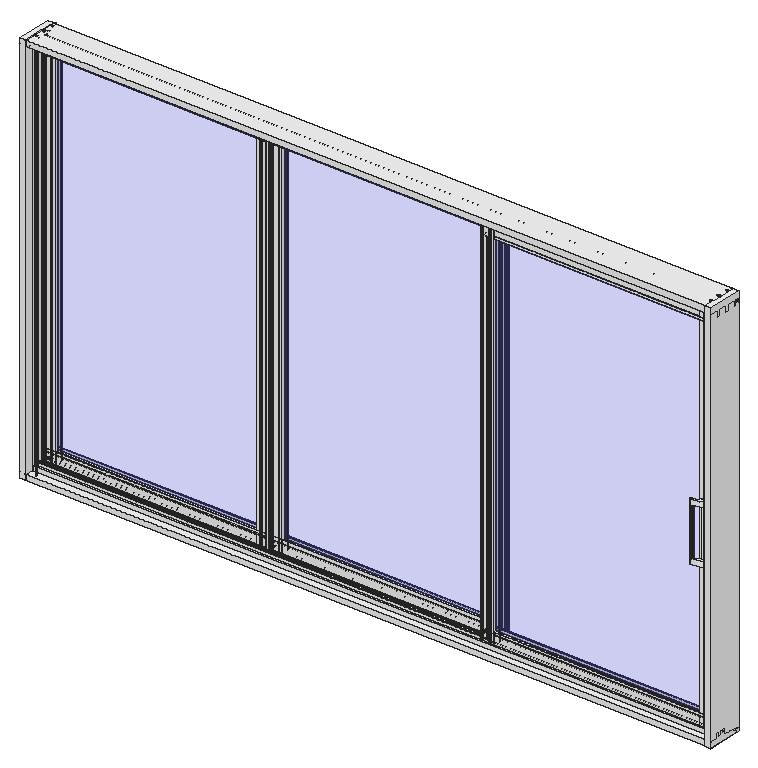
Revit family "Patio-Door_R-550-2-0_3-Light_XOO_7in_Novatech", category Doors, host Wall, Revit 2026 (continued)
Definition of nested family "NOVATECH_R-550 (2.0)_3 LIGHT_XOO_7in_SASH_O_RIGHT"
  Definition of nested family "NOVATECH_650_3 LIGHT_OXO_SASH_O_LEFT"
    Automatic sketch dimensions
      Extrusion 1 sketch curve to plane 1 "Center (Front/Back)" = 0.05437"
      Extrusion 1 sketch curve to plane 1 "Center (Front/Back)" = 0.06993"
      Extrusion 1 sketch curve to plane 1 "Center (Front/Back)" = 0.23201"  (x2)
      Extrusion 1 sketch curve to Extrusion 1 sketch curve = 0.03128"
      Extrusion 1 sketch curve to Extrusion 1 sketch curve = 0.1954"  (x2)
      Extrusion 1 sketch curve to Extrusion 1 sketch curve = 0.01669"  (x2)
      Extrusion 1 sketch curve to Extrusion 1 sketch curve = 0.30326"
      Extrusion 1 sketch curve to Extrusion 1 sketch curve = 0.30328"
      Extrusion 1 sketch curve to Extrusion 1 sketch curve = 0.0079"  (x2)
      Extrusion 1 sketch curve to Extrusion 1 sketch curve = 0.87008"
      Extrusion 1 sketch curve to Extrusion 1 sketch curve = 0.08088"
      Extrusion 1 sketch curve to Extrusion 1 sketch curve = 0.05069"
      Extrusion 1 sketch curve to Extrusion 1 sketch curve = 0.12761"
      Extrusion 1 sketch curve to Extrusion 1 sketch curve = 0.00014"  (x2)
      Extrusion 1 sketch curve to Extrusion 1 sketch curve = 0.00784"
      Extrusion 1 sketch curve to Extrusion 1 sketch curve = 0.00812"
      Extrusion 1 sketch curve to Extrusion 1 sketch curve = 0.01537"
      Extrusion 1 sketch curve to Extrusion 1 sketch curve = 0.02226"
Definition of nested family "NOVATECH_R-550 (2.0)_3 LIGHT_XOO_7in_SASH_X"
  Parameters (values of type "SASH_X")
    Width = 46.52865"
    Panel Material = none
    Height = 77 57/128"
    Frame Material = none
    Default Elevation = 0"
  Reference planes (in)
    plane 1 "Center (Front/Back)": y = 0
    plane 2: z = 0
    plane 3 "Center (Left/Right)": x = 0
    plane 4: x = 23.26432
    plane 5: x = -23.26432
    plane 6: z = 77.44531
    plane 7: y = 0.76968
  Forms (in)
    Extrusion 1, solid, material <- "Panel Material"
      sketch origin (53.05518, -3.44187, -6.62158) x (1, 0, 0) y (0, 1, 0)
        loop
          line (-74.22445, 4.64856) -> (-74.22445, 3.77455) -> (-30.56754, 3.77455) -> (-30.56754, 4.64856) -> (-74.22445, 4.64856)
      from 8.65969 to 82.02831
  Dimensions and locks (in)
    "Height": plane 6 to level
    "Width": plane 4 to plane 5
    equal spacing: plane 4, plane 3 "Center (Left/Right)", plane 5
    locked: plane 5 to nested 3 at 0.18167
    locked: plane 4 to nested 3 at 1.2619
    locked: Extrusion 1 sketch curve to Extrusion 1 sketch curve at 0.87402
    locked: plane 1 "Center (Front/Back)" to plane 7 at 0.76968
    locked: plane 5 to Extrusion 1 at 2.09505
    locked: Extrusion 1 to plane 4 at 0.77668
    locked: plane 6 to Extrusion 1 at 2.03858
    locked: Extrusion 1 to level at 2.03811
    locked: plane 5 to nested 4 at 0.18167
    locked: plane 4 to nested 4 at 1.2619
    aligned and locked: plane 2 to level
    aligned and locked: nested 1 to level
    aligned and locked: nested 2 to level
    aligned and locked: nested 1 to plane 5
    aligned and locked: plane 1 "Center (Front/Back)" to nested 1
    aligned and locked: nested 2 to plane 4
    aligned and locked: level to nested 4
    aligned and locked: plane 6 to nested 3
    aligned and locked: plane 1 "Center (Front/Back)" to nested 3
  Automatic sketch dimensions
    Extrusion 1 sketch curve to plane 1 "Center (Front/Back)" = 0.33268"
    plane 5 to Extrusion 1 sketch curve = 2.09505"
    Extrusion 1 sketch curve to plane 4 = 0.77668"
  Nested families (in)
    nested 1: "NOVATECH_650_2 LIGHT_SASH_X_LEFT" at (-23.26432, 1.65748, 0) x (0, -1, 0) z (0, 0, 1), type "X_LEFT"
      with Length 77 57/128"
    nested 2: "NOVATECH_650_2 LIGHT_SASH_X_RIGHT" at (24.61291, 1.65775, 0) x (0, 1, 0) z (0, 0, 1), type "X_RIGHT"
      with Length 77 57/128"
    nested 3: "NOVATECH_650_2 LIGHT_SASH_X_HEADER1" at (-23.08266, 1.65748, 74.8425), type "X_HEADER 2"
      with built-in parameter 1001306 3.9674 (stored number, unit not read)
    nested 4: "NOVATECH_650_2 LIGHT_SASH_X_SILL1" at (24.52623, 1.65748, 0) x (-1, 0, 0) z (0, 0, 1), type "X_SILL 2"
      with built-in parameter 1001306 3.9674 (stored number, unit not read)
  Definition of nested family "NOVATECH_650_2 LIGHT_SASH_X_LEFT"
    Parameters (values of type "X_LEFT")
      Length = 91 121/128"
      Frame Material = none
      Default Elevation = 0"
    Reference planes (in)
      plane 1 "Center (Front/Back)": y = 0
      plane 2: z = 0
      plane 3 "Center (Left/Right)": x = 0
      plane 4: z = 91.94531
      plane 5: x = 1.65748
    Forms (in)
      Extrusion 1, solid, material <- "Frame Material"
        sketch origin (0, 0, 0) x (1, 0, 0) y (0, 1, 0)
          loop
            line (1.22244, 0.89033) -> (1.22244, 0.50487) -> (1.27362, 0.50487) -> (1.27362, 0.56786) -> (1.3248, 0.56786) -> (1.3248, 0.26077) -> (1.27362, 0.26077) -> (1.27362, 0.32377) -> (1.22244, 0.32377) -> (1.22244, 0.24072)
            arc (1.22244, 0.24072) -> (1.23974, 0.19896) -> (1.2815, 0.18167) r 0.05906
            line (1.2815, 0.18167) -> (1.59843, 0.18167)
            arc (1.59843, 0.18167) -> (1.64018, 0.19896) -> (1.65748, 0.24072) r 0.05906
            line (1.65748, 0.24072) -> (1.65748, 2.72091)
            arc (1.65748, 2.72091) -> (1.65024, 2.74028) -> (1.63206, 2.75015) r 0.02953
            line (1.63206, 2.75015) -> (1.3878, 2.78448) -> (1.3878, 2.74317) -> (1.42126, 2.74317) -> (1.42126, 2.09505) -> (1.3248, 2.09505) -> (1.3248, 2.21978) -> (0.45079, 2.21978) -> (0.45079, 2.09458) -> (0.22047, 2.09458) -> (0.22047, 1.85883) -> (0.27165, 1.85883) -> (0.27165, 1.76041) -> (0.07874, 1.76041) -> (0.07874, 2.09505) -> (0, 2.09505) -> (0, 0.24072)
            arc (0, 0.24072) -> (0.0173, 0.19896) -> (0.05906, 0.18167) r 0.05906
            line (0.05906, 0.18167) -> (0.37598, 0.18167)
            arc (0.37598, 0.18167) -> (0.41774, 0.19896) -> (0.43504, 0.24072) r 0.05906
            line (0.43504, 0.24072) -> (0.43504, 0.32377) -> (0.38386, 0.32377) -> (0.38386, 0.26077) -> (0.33268, 0.26077) -> (0.33268, 0.56786) -> (0.38386, 0.56786) -> (0.38386, 0.50487) -> (0.43504, 0.50487) -> (0.43504, 0.89033) -> (1.22244, 0.89033)
          loop
            line (0.52457, 0.37126) -> (0.52457, 0) -> (1.13481, 0) -> (1.13481, 0.37126)
            arc (1.13481, 0.37126) -> (1.10598, 0.44086) -> (1.03638, 0.46969) r 0.09843
            line (1.03638, 0.46969) -> (0.623, 0.46969)
            arc (0.623, 0.46969) -> (0.5534, 0.44086) -> (0.52457, 0.37126) r 0.09843
          loop
            line (0.44481, 0.62418) -> (0.44481, 0.49623) -> (1.21253, 0.49623) -> (1.21253, 0.62418) -> (1.17489, 0.62418) -> (1.17489, 0.86183) -> (0.49772, 0.86183) -> (0.49772, 0.62418) -> (0.44481, 0.62418)
          loop
            line (0.3878, 2.78254) -> (0.02953, 2.78254)
            arc (0.02953, 2.78254) -> (0.00865, 2.77389) -> (0, 2.75302) r 0.02953
            line (0, 2.75302) -> (0, 2.12252)
            arc (0, 2.12252) -> (0.00787, 2.10888) -> (0.02362, 2.10888) r 0.01575
            line (0.02362, 2.10888) -> (0.05272, 2.12216)
            arc (0.05272, 2.12216) -> (0.07644, 2.12249) -> (0.08888, 2.10229) r 0.02402
            line (0.08888, 2.10229) -> (0.10187, 1.9166) -> (0.13488, 1.83593)
            arc (0.13488, 1.83593) -> (0.16048, 1.8092) -> (0.19743, 1.80702) r 0.05066
            arc (0.19743, 1.80702) -> (0.2171, 1.82834) -> (0.21099, 1.8567) r 0.0315
            line (0.21099, 1.8567) -> (0.16631, 1.96729) -> (0.15655, 2.09491) -> (0.23966, 2.14667) -> (0.34645, 2.11042)
            arc (0.34645, 2.11042) -> (0.36116, 2.11197) -> (0.3681, 2.12502) r 0.01575
            line (0.3681, 2.12502) -> (0.36811, 2.74317) -> (0.3878, 2.78254)
        from 0 to 91.94531
    Dimensions and locks (in)
      "Length": plane 4 to level
      aligned and locked: plane 2 to level
      aligned and locked: Extrusion 1 to level
      aligned and locked: plane 4 to Extrusion 1
    Automatic sketch dimensions
      plane 1 "Center (Front/Back)" to Extrusion 1 sketch curve = 0"
      plane 3 "Center (Left/Right)" to Extrusion 1 sketch curve = 0.43504"
      Extrusion 1 sketch curve to Extrusion 1 sketch curve = 0.00977"
      Extrusion 1 sketch curve to Extrusion 1 sketch curve = 0.06269"
      Extrusion 1 sketch curve to Extrusion 1 sketch curve = 0.07977"
      Extrusion 1 sketch curve to Extrusion 1 sketch curve = 0.09843"  (x2)
      Extrusion 1 sketch curve to Extrusion 1 sketch curve = 0.41339"
      Extrusion 1 sketch curve to Extrusion 1 sketch curve = 0.13851"
      Extrusion 1 sketch curve to Extrusion 1 sketch curve = 0.03764"
      Extrusion 1 sketch curve to Extrusion 1 sketch curve = 0.04755"
      Extrusion 1 sketch curve to Extrusion 1 sketch curve = 0"  (x2)
      Extrusion 1 sketch curve to Extrusion 1 sketch curve = 0.01575"  (x2)
      Extrusion 1 sketch curve to Extrusion 1 sketch curve = 0.00787"  (x3)
      Extrusion 1 sketch curve to Extrusion 1 sketch curve = 0.02953"  (x2)
      Extrusion 1 sketch curve to Extrusion 1 sketch curve = 0.0291"
      Extrusion 1 sketch curve to Extrusion 1 sketch curve = 0.05906"
      Extrusion 1 sketch curve to Extrusion 1 sketch curve = 0.01216"
      Extrusion 1 sketch curve to Extrusion 1 sketch curve = 0.01386"
      Extrusion 1 sketch curve to Extrusion 1 sketch curve = 0.01014"
      Extrusion 1 sketch curve to Extrusion 1 sketch curve = 0.02313"
      Extrusion 1 sketch curve to Extrusion 1 sketch curve = 0.03301"
      Extrusion 1 sketch curve to Extrusion 1 sketch curve = 0.06767"
      Extrusion 1 sketch curve to Extrusion 1 sketch curve = 0.06444"
      Extrusion 1 sketch curve to Extrusion 1 sketch curve = 3/64"
      Extrusion 1 sketch curve to Extrusion 1 sketch curve = 0.00498"
      Extrusion 1 sketch curve to Extrusion 1 sketch curve = 0.02926"
      Extrusion 1 sketch curve to Extrusion 1 sketch curve = 0.06392"
      Extrusion 1 sketch curve to Extrusion 1 sketch curve = 0.01918"
      Extrusion 1 sketch curve to Extrusion 1 sketch curve = 0.05118"  (x5)
      Extrusion 1 sketch curve to Extrusion 1 sketch curve = 0.27362"  (x2)
      Extrusion 1 sketch curve to Extrusion 1 sketch curve = 0.1068"
      Extrusion 1 sketch curve to Extrusion 1 sketch curve = 0.0059"
      Extrusion 1 sketch curve to Extrusion 1 sketch curve = 0.33858"
      Extrusion 1 sketch curve to Extrusion 1 sketch curve = 0.04331"  (x2)
      Extrusion 1 sketch curve to Extrusion 1 sketch curve = 0.01969"
      Extrusion 1 sketch curve to Extrusion 1 sketch curve = 0.08268"
      Extrusion 1 sketch curve to Extrusion 1 sketch curve = 0.87402"
      Extrusion 1 sketch curve to Extrusion 1 sketch curve = 0.06299"  (x5)
      Extrusion 1 sketch curve to Extrusion 1 sketch curve = 0.09646"
      Extrusion 1 sketch curve to Extrusion 1 sketch curve = 0.20669"
      Extrusion 1 sketch curve to Extrusion 1 sketch curve = 0.00411"
      Extrusion 1 sketch curve to plane 1 "Center (Front/Back)" = 0.18167"  (x2)
      Extrusion 1 sketch curve to Extrusion 1 sketch curve = 0.02005"  (x2)
      Extrusion 1 sketch curve to Extrusion 1 sketch curve = 0.12497"
      Extrusion 1 sketch curve to Extrusion 1 sketch curve = 0.12795"  (x2)
      Extrusion 1 sketch curve to Extrusion 1 sketch curve = 0.1811"  (x2)
      Extrusion 1 sketch curve to Extrusion 1 sketch curve = 0.23764"
      Extrusion 1 sketch curve to Extrusion 1 sketch curve = 0.0285"
      Extrusion 1 sketch curve to Extrusion 1 sketch curve = 0.32247"
      Extrusion 1 sketch curve to Extrusion 1 sketch curve = 0.07552"
      Extrusion 1 sketch curve to Extrusion 1 sketch curve = 0.0007"
      Extrusion 1 sketch curve to Extrusion 1 sketch curve = 0.01855"
      Extrusion 1 sketch curve to Extrusion 1 sketch curve = 0.00151"
      Extrusion 1 sketch curve to Extrusion 1 sketch curve = 0.00214"
      Extrusion 1 sketch curve to Extrusion 1 sketch curve = 0.08067"
      Extrusion 1 sketch curve to Extrusion 1 sketch curve = 0.05069"
      Extrusion 1 sketch curve to Extrusion 1 sketch curve = 0.12728"
      Extrusion 1 sketch curve to Extrusion 1 sketch curve = 0.00033"
      Extrusion 1 sketch curve to Extrusion 1 sketch curve = 0.00014"
      Extrusion 1 sketch curve to Extrusion 1 sketch curve = 0.00047"
      Extrusion 1 sketch curve to Extrusion 1 sketch curve = 0.00639"
      Extrusion 1 sketch curve to Extrusion 1 sketch curve = 0.00724"
      Extrusion 1 sketch curve to Extrusion 1 sketch curve = 0.01383"
      Extrusion 1 sketch curve to Extrusion 1 sketch curve = 0.01584"
      Extrusion 1 sketch curve to Extrusion 1 sketch curve = 0.05209"
      Extrusion 1 sketch curve to Extrusion 1 sketch curve = 0.12472"
      Extrusion 1 sketch curve to Extrusion 1 sketch curve = 0.50114"
      Extrusion 1 sketch curve to Extrusion 1 sketch curve = 0.5234"
      Extrusion 1 sketch curve to Extrusion 1 sketch curve = 0.02226"
      Extrusion 1 sketch curve to Extrusion 1 sketch curve = 0.00984"
      Extrusion 1 sketch curve to Extrusion 1 sketch curve = 0.04131"
      Extrusion 1 sketch curve to plane 3 "Center (Left/Right)" = 0"
      Extrusion 1 sketch curve to Extrusion 1 sketch curve = 0.08763"
      Extrusion 1 sketch curve to Extrusion 1 sketch curve = 0.87008"
  Definition of nested family "NOVATECH_650_2 LIGHT_SASH_X_RIGHT"
    Parameters (values of type "NOVATECH_650_2 LIGHT_SASH_X_RIGHT")
      Length = 79 1/2"
      Frame Material = none
      Default Elevation = 0"
    Types (2): name | Length
      NOVATECH_650_2 LIGHT_SASH_X_RIGHT | 79 1/2"
      X_RIGHT | 91 121/128"
    Reference planes (in)
      plane 1 "Center (Front/Back)": y = 0
      plane 2: z = 0
      plane 3 "Center (Left/Right)": x = 0
      plane 4: z = 79.5
      plane 5: y = 1.34858
    Forms (in)
      Extrusion 1, solid, material <- "Frame Material"
        sketch origin (0, 0, 0) x (1, 0, 0) y (0, 1, 0)
          loop
            line (-1.3878, 2.68949) -> (-1.63206, 2.65516)
            arc (-1.63206, 2.65516) -> (-1.65024, 2.6453) -> (-1.65748, 2.62592) r 0.02953
            line (-1.65748, 2.62592) -> (-1.65748, 0.14573)
            arc (-1.65748, 0.14573) -> (-1.64018, 0.10398) -> (-1.59843, 0.08668) r 0.05906
            line (-1.59843, 0.08668) -> (-1.2815, 0.08668)
            arc (-1.2815, 0.08668) -> (-1.23974, 0.10398) -> (-1.22244, 0.14573) r 0.05906
            line (-1.22244, 0.14573) -> (-1.22244, 0.21303)
            arc (-1.22244, 0.21303) -> (-1.24803, 0.22962) -> (-1.27362, 0.21303) r 0.02803
            line (-1.27362, 0.21303) -> (-1.27362, 0.18154)
            arc (-1.27362, 0.18154) -> (-1.29921, 0.16396) -> (-1.3248, 0.18154) r 0.02742
            line (-1.3248, 0.18154) -> (-1.3248, 0.45713)
            arc (-1.3248, 0.45713) -> (-1.29921, 0.47486) -> (-1.27362, 0.45713) r 0.02733
            line (-1.27362, 0.45713) -> (-1.27362, 0.42563)
            arc (-1.27362, 0.42563) -> (-1.24803, 0.40805) -> (-1.22244, 0.42563) r 0.02742
            line (-1.22244, 0.42563) -> (-1.22244, 0.79534) -> (-0.43504, 0.79534) -> (-0.43504, 0.42563)
            arc (-0.43504, 0.42563) -> (-0.40945, 0.40805) -> (-0.38386, 0.42563) r 0.02742
            line (-0.38386, 0.42563) -> (-0.38386, 0.45713)
            arc (-0.38386, 0.45713) -> (-0.35827, 0.47524) -> (-0.33268, 0.45713) r 0.02713
            line (-0.33268, 0.45713) -> (-0.33268, 0.18154)
            arc (-0.33268, 0.18154) -> (-0.35827, 0.16434) -> (-0.38386, 0.18154) r 0.02764
            line (-0.38386, 0.18154) -> (-0.38386, 0.21303)
            arc (-0.38386, 0.21303) -> (-0.40945, 0.23061) -> (-0.43504, 0.21303) r 0.02742
            line (-0.43504, 0.21303) -> (-0.43504, 0.14573)
            arc (-0.43504, 0.14573) -> (-0.41774, 0.10398) -> (-0.37598, 0.08668) r 0.05906
            line (-0.37598, 0.08668) -> (-0.05906, 0.08668)
            arc (-0.05906, 0.08668) -> (-0.0173, 0.10398) -> (0, 0.14573) r 0.05906
            line (0, 0.14573) -> (0, 2.00007) -> (-0.07874, 2.00007) -> (-0.07874, 1.66542) -> (-0.27165, 1.66542) -> (-0.27165, 1.76384) -> (-0.22047, 1.76384) -> (-0.22047, 2.00007) -> (-0.45079, 2.00007) -> (-0.45079, 2.12479) -> (-1.3248, 2.12479) -> (-1.3248, 1.99959) -> (-1.42126, 1.99959) -> (-1.42126, 2.64819) -> (-1.3878, 2.64819) -> (-1.3878, 2.68949)
          loop
            line (-0.36811, 2.64819) -> (-0.3681, 2.03003)
            arc (-0.3681, 2.03003) -> (-0.36116, 2.01698) -> (-0.34645, 2.01543) r 0.01575
            line (-0.34645, 2.01543) -> (-0.23966, 2.05168) -> (-0.15655, 1.99992) -> (-0.16631, 1.87231) -> (-0.21099, 1.76171)
            arc (-0.21099, 1.76171) -> (-0.21656, 1.73158) -> (-0.19388, 1.71098) r 0.0315
            arc (-0.19388, 1.71098) -> (-0.15883, 1.71501) -> (-0.1349, 1.74094) r 0.05068
            line (-0.1349, 1.74094) -> (-0.09948, 1.82779) -> (-0.08693, 2.0073)
            arc (-0.08693, 2.0073) -> (-0.07596, 2.02632) -> (-0.05404, 2.02757) r 0.02309
            line (-0.05404, 2.02757) -> (-0.02362, 2.01194)
            arc (-0.02362, 2.01194) -> (-0.00787, 2.01194) -> (0, 2.02558) r 0.01575
            line (0, 2.02558) -> (0, 2.65803)
            arc (0, 2.65803) -> (-0.00865, 2.67891) -> (-0.02953, 2.68756) r 0.02953
            line (-0.02953, 2.68756) -> (-0.3878, 2.68756) -> (-0.36811, 2.64819)
          loop
            line (-0.00532, 0.06693) -> (-0.4773, 0.06693) -> (-0.4391, 0.25591) -> (-0.38762, 0.25591)
            arc (-0.38762, 0.25591) -> (-0.37291, 0.26603) -> (-0.37712, 0.28339) r 0.01575
            line (-0.37712, 0.28339) -> (-0.48008, 0.397)
            arc (-0.48008, 0.397) -> (-0.50292, 0.39997) -> (-0.51341, 0.37946) r 0.02
            line (-0.51341, 0.37946) -> (-0.49589, 0.25591) -> (-0.53329, 0.07087) -> (-1.12384, 0.07087) -> (-1.16124, 0.25591) -> (-1.14375, 0.37069)
            arc (-1.14375, 0.37069) -> (-1.15412, 0.39135) -> (-1.17705, 0.38843) r 0.02
            line (-1.17705, 0.38843) -> (-1.27913, 0.26087)
            arc (-1.27913, 0.26087) -> (-1.28035, 0.24327) -> (-1.2643, 0.23594) r 0.0155
            line (-1.2643, 0.23594) -> (-1.21474, 0.24478) -> (-1.17143, 0.06693) -> (-1.94801, 0.06693) -> (-1.94801, 0.63673) -> (-1.88879, 0.6761) -> (-1.88879, 0.81723) -> (-1.68487, 0.81723) -> (-1.68487, 0.88415) -> (-1.88879, 0.88415) -> (-1.88879, 1.06988) -> (-1.91785, 1.10788) -> (-1.91785, 1.49105) -> (-1.97844, 1.596)
            arc (-1.97844, 1.596) -> (-1.97947, 1.62721) -> (-2.00794, 1.64005) r 0.02953
            arc (-2.00794, 1.64005) -> (-2.03131, 1.63301) -> (-2.0414, 1.61078) r 0.02953
            line (-2.0414, 1.61078) -> (-2.0414, 1.5712) -> (-1.98478, 1.47312) -> (-1.98478, 1.1048)
            arc (-1.98478, 1.1048) -> (-1.99324, 1.08863) -> (-2.01135, 1.08636) r 0.01969
            arc (-2.01135, 1.08636) -> (-2.04515, 1.0621) -> (-2.05808, 1.02255) r 0.06693
            line (-2.05808, 1.02255) -> (-2.05791, 0.97924)
            arc (-2.05791, 0.97924) -> (-2.03232, 0.96174) -> (-2.00673, 0.97924) r 0.02746
            line (-2.00673, 0.97924) -> (-2.0069, 1.01074)
            arc (-2.0069, 1.01074) -> (-1.98131, 1.02832) -> (-1.95572, 1.01074) r 0.02742
            line (-1.95572, 1.01074) -> (-1.95572, 0.73515)
            arc (-1.95572, 0.73515) -> (-1.98131, 0.71804) -> (-2.0069, 0.73515) r 0.02769
            line (-2.0069, 0.73515) -> (-2.0069, 0.77452)
            arc (-2.0069, 0.77452) -> (-2.03249, 0.79231) -> (-2.05808, 0.77452) r 0.0273
            line (-2.05808, 0.77452) -> (-2.05808, 0.72334)
            arc (-2.05808, 0.72334) -> (-2.04625, 0.68534) -> (-2.01493, 0.66078) r 0.06693
            line (-2.01493, 0.66078) -> (-2.01493, 0.07874)
            arc (-2.01493, 0.07874) -> (-1.99187, 0.02306) -> (-1.93619, 0) r 0.07874
            line (-1.93619, 0) -> (-0.04135, 0)
            arc (-0.04135, 0) -> (-0.01984, 0.0064) -> (-0.00532, 0.02351) r 0.03937
            line (-0.00532, 0.02351) -> (-0.00532, 0.06693)
        from 0 to 79.5
    Dimensions and locks (in)
      "Length": plane 4 to level
      aligned and locked: plane 2 to level
      aligned and locked: Extrusion 1 to level
      aligned and locked: plane 4 to Extrusion 1
    Automatic sketch dimensions
      Extrusion 1 sketch curve to plane 5 = 0.32603"
      Extrusion 1 sketch curve to plane 3 "Center (Left/Right)" = 2.05808"
      Extrusion 1 sketch curve to plane 5 = 0.57406"
      Extrusion 1 sketch curve to Extrusion 1 sketch curve = 0"  (x5)
      Extrusion 1 sketch curve to plane 5 = 0.36934"  (x2)
      Extrusion 1 sketch curve to Extrusion 1 sketch curve = 0.00017"
      Extrusion 1 sketch curve to Extrusion 1 sketch curve = 0.01668"
      Extrusion 1 sketch curve to Extrusion 1 sketch curve = 0.02559"  (x17)
      Extrusion 1 sketch curve to Extrusion 1 sketch curve = 0.04315"
      Extrusion 1 sketch curve to Extrusion 1 sketch curve = 0.02953"  (x2)
      Extrusion 1 sketch curve to plane 5 = 0.33784"
      Extrusion 1 sketch curve to Extrusion 1 sketch curve = 0.02542"  (x2)
      Extrusion 1 sketch curve to Extrusion 1 sketch curve = 0.00244"
      Extrusion 1 sketch curve to Extrusion 1 sketch curve = 0.00787"  (x3)
      Extrusion 1 sketch curve to Extrusion 1 sketch curve = 0.01575"  (x4)
      Extrusion 1 sketch curve to Extrusion 1 sketch curve = 0.05662"
      Extrusion 1 sketch curve to Extrusion 1 sketch curve = 0.00984"  (x7)
      plane 5 to Extrusion 1 sketch curve = 0.24742"
      Extrusion 1 sketch curve to Extrusion 1 sketch curve = 0.02556"
      Extrusion 1 sketch curve to Extrusion 1 sketch curve = 0.06693"  (x3)
      Extrusion 1 sketch curve to Extrusion 1 sketch curve = 0.01181"  (x2)
      Extrusion 1 sketch curve to plane 5 = 0.53136"
      Extrusion 1 sketch curve to plane 5 = 0.46443"
      Extrusion 1 sketch curve to Extrusion 1 sketch curve = 0.20393"
      Extrusion 1 sketch curve to Extrusion 1 sketch curve = 0.34652"
      plane 5 to Extrusion 1 sketch curve = 1.30658"
      Extrusion 1 sketch curve to Extrusion 1 sketch curve = 0.05906"  (x2)
      Extrusion 1 sketch curve to Extrusion 1 sketch curve = 0.20669"
      Extrusion 1 sketch curve to Extrusion 1 sketch curve = 0.03346"
      Extrusion 1 sketch curve to Extrusion 1 sketch curve = 0.09646"
      Extrusion 1 sketch curve to Extrusion 1 sketch curve = 0.27362"  (x2)
      Extrusion 1 sketch curve to Extrusion 1 sketch curve = 0.04331"
      Extrusion 1 sketch curve to plane 5 = 1.08771"
      Extrusion 1 sketch curve to Extrusion 1 sketch curve = 0.02009"
      Extrusion 1 sketch curve to Extrusion 1 sketch curve = 0.0121"
      Extrusion 1 sketch curve to plane 5 = 1.11265"
      Extrusion 1 sketch curve to Extrusion 1 sketch curve = 0.00272"
      Extrusion 1 sketch curve to plane 5 = 0.55324"
      Extrusion 1 sketch curve to Extrusion 1 sketch curve = 0.05118"  (x2)
      Extrusion 1 sketch curve to plane 5 = 1.1038"
      Extrusion 1 sketch curve to Extrusion 1 sketch curve = 0.0077"
      Extrusion 1 sketch curve to plane 5 = 0.96015"
      Extrusion 1 sketch curve to Extrusion 1 sketch curve = 0.04539"
      Extrusion 1 sketch curve to plane 1 "Center (Front/Back)" = 0.06693"  (x2)
      Extrusion 1 sketch curve to Extrusion 1 sketch curve = 0.05101"
      Extrusion 1 sketch curve to Extrusion 1 sketch curve = 0.01353"  (x2)
      Extrusion 1 sketch curve to plane 5 = 1.09268"  (x3)
      Extrusion 1 sketch curve to Extrusion 1 sketch curve = 0.0535"
      Extrusion 1 sketch curve to plane 5 = 0.9779"
      Extrusion 1 sketch curve to Extrusion 1 sketch curve = 0.01977"
      Extrusion 1 sketch curve to Extrusion 1 sketch curve = 0.04759"
      Extrusion 1 sketch curve to Extrusion 1 sketch curve = 0.59055"
      Extrusion 1 sketch curve to plane 5 = 0.96913"
      Extrusion 1 sketch curve to Extrusion 1 sketch curve = 0.01988"
      Extrusion 1 sketch curve to Extrusion 1 sketch curve = 0.01752"
      Extrusion 1 sketch curve to Extrusion 1 sketch curve = 0.0198"
      Extrusion 1 sketch curve to plane 5 = 0.95159"
      Extrusion 1 sketch curve to Extrusion 1 sketch curve = 0.05599"
      Extrusion 1 sketch curve to Extrusion 1 sketch curve = 0.87402"
      Extrusion 1 sketch curve to Extrusion 1 sketch curve = 0.05678"
      Extrusion 1 sketch curve to Extrusion 1 sketch curve = 0.00406"
      Extrusion 1 sketch curve to Extrusion 1 sketch curve = 0.04504"
      Extrusion 1 sketch curve to Extrusion 1 sketch curve = 0.06299"
      Extrusion 1 sketch curve to Extrusion 1 sketch curve = 0.05148"
      Extrusion 1 sketch curve to plane 5 = 1.06519"
      Extrusion 1 sketch curve to Extrusion 1 sketch curve = 0.0105"
      Extrusion 1 sketch curve to Extrusion 1 sketch curve = 0.01969"
      Extrusion 1 sketch curve to Extrusion 1 sketch curve = 0.08268"
      Extrusion 1 sketch curve to Extrusion 1 sketch curve = 0.0059"
      Extrusion 1 sketch curve to Extrusion 1 sketch curve = 0.0748"
      Extrusion 1 sketch curve to Extrusion 1 sketch curve = 0.1068"
      Extrusion 1 sketch curve to Extrusion 1 sketch curve = 0.00948"
      Extrusion 1 sketch curve to Extrusion 1 sketch curve = 0.02428"
      Extrusion 1 sketch curve to Extrusion 1 sketch curve = 0.00493"
      Extrusion 1 sketch curve to Extrusion 1 sketch curve = 0.01547"
      Extrusion 1 sketch curve to Extrusion 1 sketch curve = 0.06392"
      plane 5 to Extrusion 1 sketch curve = 0.39236"
      Extrusion 1 sketch curve to Extrusion 1 sketch curve = 3/64"
      Extrusion 1 sketch curve to Extrusion 1 sketch curve = 0.06683"
      Extrusion 1 sketch curve to Extrusion 1 sketch curve = 0.06962"
      Extrusion 1 sketch curve to Extrusion 1 sketch curve = 0.05616"
      Extrusion 1 sketch curve to Extrusion 1 sketch curve = 0.01489"
      Extrusion 1 sketch curve to Extrusion 1 sketch curve = 0.00981"
      Extrusion 1 sketch curve to Extrusion 1 sketch curve = 0.0177"
      Extrusion 1 sketch curve to Extrusion 1 sketch curve = 0.33858"
      Extrusion 1 sketch curve to Extrusion 1 sketch curve = 0.03042"
      Extrusion 1 sketch curve to Extrusion 1 sketch curve = 0.03604"
      Extrusion 1 sketch curve to Extrusion 1 sketch curve = 0.02756"
      Extrusion 1 sketch curve to Extrusion 1 sketch curve = 0.01586"
      Extrusion 1 sketch curve to Extrusion 1 sketch curve = 0.00394"
      Extrusion 1 sketch curve to Extrusion 1 sketch curve = 0.01975"  (x2)
      Extrusion 1 sketch curve to Extrusion 1 sketch curve = 0.0358"  (x2)
      Extrusion 1 sketch curve to Extrusion 1 sketch curve = 0.01044"
      Extrusion 1 sketch curve to Extrusion 1 sketch curve = 0.02006"
      Extrusion 1 sketch curve to Extrusion 1 sketch curve = 0.02165"  (x2)
      Extrusion 1 sketch curve to Extrusion 1 sketch curve = 0.01144"
      Extrusion 1 sketch curve to Extrusion 1 sketch curve = 0.02863"
      Extrusion 1 sketch curve to Extrusion 1 sketch curve = 0.0372"
      Extrusion 1 sketch curve to Extrusion 1 sketch curve = 0.0219"
      Extrusion 1 sketch curve to Extrusion 1 sketch curve = 0.02248"
      Extrusion 1 sketch curve to Extrusion 1 sketch curve = 0.00902"
      Extrusion 1 sketch curve to Extrusion 1 sketch curve = 0.0096"
      Extrusion 1 sketch curve to Extrusion 1 sketch curve = 0.1378"
      Extrusion 1 sketch curve to Extrusion 1 sketch curve = 0.02405"
      Extrusion 1 sketch curve to Extrusion 1 sketch curve = 0.03937"
      Extrusion 1 sketch curve to Extrusion 1 sketch curve = 0.02239"
      Extrusion 1 sketch curve to Extrusion 1 sketch curve = 0.00951"
      Extrusion 1 sketch curve to Extrusion 1 sketch curve = 0.00995"
      Extrusion 1 sketch curve to Extrusion 1 sketch curve = 0.05914"
      Extrusion 1 sketch curve to Extrusion 1 sketch curve = 0.08225"
      Extrusion 1 sketch curve to Extrusion 1 sketch curve = 0.03799"
      Extrusion 1 sketch curve to Extrusion 1 sketch curve = 0.12288"
      Extrusion 1 sketch curve to Extrusion 1 sketch curve = 0.01793"
      Extrusion 1 sketch curve to Extrusion 1 sketch curve = 0.0248"
      Extrusion 1 sketch curve to Extrusion 1 sketch curve = 0.01478"
      Extrusion 1 sketch curve to Extrusion 1 sketch curve = 0.07552"
      Extrusion 1 sketch curve to Extrusion 1 sketch curve = 0.0007"
      Extrusion 1 sketch curve to Extrusion 1 sketch curve = 0.01855"
      Extrusion 1 sketch curve to Extrusion 1 sketch curve = 0.00151"
      Extrusion 1 sketch curve to Extrusion 1 sketch curve = 0.00214"
      Extrusion 1 sketch curve to Extrusion 1 sketch curve = 0.08685"
      Extrusion 1 sketch curve to Extrusion 1 sketch curve = 0.04452"
      Extrusion 1 sketch curve to Extrusion 1 sketch curve = 0.62633"
      Extrusion 1 sketch curve to Extrusion 1 sketch curve = 0.12761"
      Extrusion 1 sketch curve to Extrusion 1 sketch curve = 0.00014"  (x2)
      Extrusion 1 sketch curve to Extrusion 1 sketch curve = 0.0066"
      Extrusion 1 sketch curve to Extrusion 1 sketch curve = 0.00724"
      Extrusion 1 sketch curve to Extrusion 1 sketch curve = 0.01188"
      Extrusion 1 sketch curve to Extrusion 1 sketch curve = 0.01537"
      Extrusion 1 sketch curve to Extrusion 1 sketch curve = 0.05162"
      Extrusion 1 sketch curve to Extrusion 1 sketch curve = 0.1252"
      Extrusion 1 sketch curve to Extrusion 1 sketch curve = 0.5234"
      Extrusion 1 sketch curve to Extrusion 1 sketch curve = 0.02226"
      Extrusion 1 sketch curve to Extrusion 1 sketch curve = 0.04131"
  Definition of nested family "NOVATECH_650_2 LIGHT_SASH_X_HEADER1"
    Parameters (values of type "X_HEADER")
      built-in parameter 1001306 [instance] = 54"
      Frame Material = none
      Default Elevation = 0"
    Reference planes (in)
      plane 1 "Center (Front/Back)": y = 0
      plane 2: z = 0
      plane 3 "Left": x = 0
      plane 4 "Right": x = 54
    Forms (in)
      Extrusion 1, solid, material <- "Frame Material"
        sketch origin (0, 0, 0) x (0, 1, 0) y (0, 0, 1)
          loop
            arc (-1.59843, 2.60281) -> (-1.64018, 2.58552) -> (-1.65748, 2.54376) r 0.05906
            line (-1.65748, 2.54376) -> (-1.65748, 0.06357)
            arc (-1.65748, 0.06357) -> (-1.65024, 0.0442) -> (-1.63206, 0.03433) r 0.02953
            line (-1.63206, 0.03433) -> (-1.3878, 0) -> (-1.3878, 0.04131) -> (-1.42126, 0.04131) -> (-1.42126, 0.68943) -> (-1.32298, 0.68943) -> (-1.32298, 0.56423) -> (-0.44896, 0.56423) -> (-0.44896, 0.68943) -> (-0.22047, 0.68943) -> (-0.22047, 0.9099) -> (-0.27165, 0.9414) -> (-0.27165, 1.02407) -> (-0.07874, 1.02407) -> (-0.07874, 0.68943) -> (0, 0.68943) -> (0, 2.54376)
            arc (0, 2.54376) -> (-0.0173, 2.58552) -> (-0.05906, 2.60281) r 0.05906
            line (-0.05906, 2.60281) -> (-0.37598, 2.60281)
            arc (-0.37598, 2.60281) -> (-0.41774, 2.58552) -> (-0.43504, 2.54376) r 0.05906
            line (-0.43504, 2.54376) -> (-0.43504, 2.47646)
            arc (-0.43504, 2.47646) -> (-0.40945, 2.45644) -> (-0.38386, 2.47646) r 0.02637
            line (-0.38386, 2.47646) -> (-0.38386, 2.50796)
            arc (-0.38386, 2.50796) -> (-0.35827, 2.52747) -> (-0.33268, 2.50796) r 0.02654
            line (-0.33268, 2.50796) -> (-0.33268, 2.23237)
            arc (-0.33268, 2.23237) -> (-0.35827, 2.20678) -> (-0.38386, 2.23237) r 0.02559
            line (-0.38386, 2.23237) -> (-0.38386, 2.26386)
            arc (-0.38386, 2.26386) -> (-0.40945, 2.28945) -> (-0.43504, 2.26386) r 0.02559
            line (-0.43504, 2.26386) -> (-0.43504, 1.89415) -> (-1.22244, 1.89415) -> (-1.22244, 2.26386)
            arc (-1.22244, 2.26386) -> (-1.24803, 2.28945) -> (-1.27362, 2.26386) r 0.02559
            line (-1.27362, 2.26386) -> (-1.27362, 2.23237)
            arc (-1.27362, 2.23237) -> (-1.29921, 2.20678) -> (-1.3248, 2.23237) r 0.02559
            line (-1.3248, 2.23237) -> (-1.3248, 2.50796)
            arc (-1.3248, 2.50796) -> (-1.29921, 2.52747) -> (-1.27362, 2.50796) r 0.02654
            line (-1.27362, 2.50796) -> (-1.27362, 2.47646)
            arc (-1.27362, 2.47646) -> (-1.24803, 2.45644) -> (-1.22244, 2.47646) r 0.02637
            line (-1.22244, 2.47646) -> (-1.22244, 2.54376)
            arc (-1.22244, 2.54376) -> (-1.23974, 2.58552) -> (-1.2815, 2.60281) r 0.05906
            line (-1.2815, 2.60281) -> (-1.59843, 2.60281)
          loop
            line (0, 0.03147) -> (0, 0.65806)
            arc (0, 0.65806) -> (-0.00787, 0.67169) -> (-0.02362, 0.67169) r 0.01575
            line (-0.02362, 0.67169) -> (-0.05301, 0.66163)
            arc (-0.05301, 0.66163) -> (-0.07882, 0.66046) -> (-0.09279, 0.68219) r 0.02589
            line (-0.09279, 0.68219) -> (-0.10659, 0.87957) -> (-0.13463, 0.94897)
            arc (-0.13463, 0.94897) -> (-0.16066, 0.97629) -> (-0.19834, 0.97834) r 0.05118
            arc (-0.19834, 0.97834) -> (-0.22176, 0.94986) -> (-0.20637, 0.91635) r 0.03474
            line (-0.20637, 0.91635) -> (-0.16631, 0.81719) -> (-0.15655, 0.68957) -> (-0.23966, 0.63781) -> (-0.34645, 0.67406)
            arc (-0.34645, 0.67406) -> (-0.36116, 0.67252) -> (-0.3681, 0.65946) r 0.01575
            line (-0.3681, 0.65946) -> (-0.36811, 0.04131) -> (-0.3878, 0.00194) -> (-0.02953, 0.00194)
            arc (-0.02953, 0.00194) -> (-0.00865, 0.01059) -> (0, 0.03147) r 0.02953
        from 0 to 54
    Lines and regions (in)
      reference lines
        curve 1: line (0, 0, 0) -> (54, 0, 0)
    Dimensions and locks (in)
      "built-in parameter 1001306": plane 3 "Left" to plane 4 "Right"
      aligned and locked: plane 4 "Right" to curve 1
      aligned and locked: plane 1 "Center (Front/Back)" to curve 1
      aligned and locked: plane 3 "Left" to curve 1
      aligned and locked: level to plane 2
      aligned and locked: Extrusion 1 to curve 1
      aligned and locked: Extrusion 1 to plane 3 "Left"
    Automatic sketch dimensions
      Extrusion 1 sketch curve to level = 0"
      plane 1 "Center (Front/Back)" to Extrusion 1 sketch curve = 1.65748"
      level to Extrusion 1 sketch curve = 0.03433"
      Extrusion 1 sketch curve to Extrusion 1 sketch curve = 0.02542"
      Extrusion 1 sketch curve to Extrusion 1 sketch curve = 0.02953"
      Extrusion 1 sketch curve to Extrusion 1 sketch curve = 0.05906"
      level to Extrusion 1 sketch curve = 0.04131"  (x2)
      Extrusion 1 sketch curve to Extrusion 1 sketch curve = 0.20669"
      Extrusion 1 sketch curve to Extrusion 1 sketch curve = 0.03346"
      Extrusion 1 sketch curve to Extrusion 1 sketch curve = 0.27362"  (x2)
      Extrusion 1 sketch curve to Extrusion 1 sketch curve = 0.09828"
      Extrusion 1 sketch curve to Extrusion 1 sketch curve = 0.02559"  (x11)
      Extrusion 1 sketch curve to Extrusion 1 sketch curve = 0.01772"
      Extrusion 1 sketch curve to Extrusion 1 sketch curve = 0.87402"
      Extrusion 1 sketch curve to Extrusion 1 sketch curve = 0.7874"
      Extrusion 1 sketch curve to Extrusion 1 sketch curve = 0"  (x2)
      level to Extrusion 1 sketch curve = 0.00194"
      Extrusion 1 sketch curve to Extrusion 1 sketch curve = 0.06117"
      Extrusion 1 sketch curve to Extrusion 1 sketch curve = 0.00787"  (x2)
      Extrusion 1 sketch curve to Extrusion 1 sketch curve = 0.01969"
      Extrusion 1 sketch curve to Extrusion 1 sketch curve = 0.08086"
      Extrusion 1 sketch curve to Extrusion 1 sketch curve = 0.01575"
      Extrusion 1 sketch curve to Extrusion 1 sketch curve = 0.0059"
      Extrusion 1 sketch curve to Extrusion 1 sketch curve = 0.0748"
      Extrusion 1 sketch curve to Extrusion 1 sketch curve = 0.1068"
      Extrusion 1 sketch curve to Extrusion 1 sketch curve = 0.01918"
      Extrusion 1 sketch curve to Extrusion 1 sketch curve = 0.0141"
      Extrusion 1 sketch curve to Extrusion 1 sketch curve = 0.01907"
      Extrusion 1 sketch curve to Extrusion 1 sketch curve = 0.00522"
      Extrusion 1 sketch curve to Extrusion 1 sketch curve = 0.04006"
      Extrusion 1 sketch curve to Extrusion 1 sketch curve = 0.06392"
      Extrusion 1 sketch curve to Extrusion 1 sketch curve = 0.04746"
      Extrusion 1 sketch curve to Extrusion 1 sketch curve = 0.02804"
      Extrusion 1 sketch curve to Extrusion 1 sketch curve = 0.06377"
      Extrusion 1 sketch curve to Extrusion 1 sketch curve = 0.05589"
      Extrusion 1 sketch curve to Extrusion 1 sketch curve = 0.01181"
      Extrusion 1 sketch curve to Extrusion 1 sketch curve = 0.01392"
      level to Extrusion 1 sketch curve = 0.03147"
      Extrusion 1 sketch curve to Extrusion 1 sketch curve = 0.33858"
      Extrusion 1 sketch curve to Extrusion 1 sketch curve = 0.02362"
      Extrusion 1 sketch curve to Extrusion 1 sketch curve = 0.52292"
      Extrusion 1 sketch curve to Extrusion 1 sketch curve = 0.07358"
      Extrusion 1 sketch curve to Extrusion 1 sketch curve = 0.02025"
      Extrusion 1 sketch curve to Extrusion 1 sketch curve = 0.02165"
      Extrusion 1 sketch curve to Extrusion 1 sketch curve = 0.01006"
      Extrusion 1 sketch curve to Extrusion 1 sketch curve = 0.02056"
      Extrusion 1 sketch curve to Extrusion 1 sketch curve = 0.05162"
      Extrusion 1 sketch curve to Extrusion 1 sketch curve = 0.01773"
      Extrusion 1 sketch curve to Extrusion 1 sketch curve = 0.1252"
      Extrusion 1 sketch curve to Extrusion 1 sketch curve = 0.00014"
      Extrusion 1 sketch curve to Extrusion 1 sketch curve = 0.12761"
      Extrusion 1 sketch curve to Extrusion 1 sketch curve = 0.06238"
      Extrusion 1 sketch curve to Extrusion 1 sketch curve = 0.09271"
      Extrusion 1 sketch curve to Extrusion 1 sketch curve = 0.00645"
      Extrusion 1 sketch curve to Extrusion 1 sketch curve = 0.01345"
      Extrusion 1 sketch curve to Extrusion 1 sketch curve = 0.0315"  (x3)
      Extrusion 1 sketch curve to Extrusion 1 sketch curve = 0.01559"
      Extrusion 1 sketch curve to Extrusion 1 sketch curve = 0.01917"
      Extrusion 1 sketch curve to Extrusion 1 sketch curve = 0.0751"
      Extrusion 1 sketch curve to Extrusion 1 sketch curve = 0.64961"
      Extrusion 1 sketch curve to Extrusion 1 sketch curve = 0.31139"  (x2)
      Extrusion 1 sketch curve to Extrusion 1 sketch curve = 0.0673"  (x2)
      Extrusion 1 sketch curve to Extrusion 1 sketch curve = 0.00635"  (x2)
      Extrusion 1 sketch curve to Extrusion 1 sketch curve = 0.02448"  (x2)
      Extrusion 1 sketch curve to Extrusion 1 sketch curve = 0.00702"  (x2)
      Extrusion 1 sketch curve to plane 1 "Center (Front/Back)" = 0"
      Extrusion 1 sketch curve to Extrusion 1 sketch curve = 0.87008"
      Extrusion 1 sketch curve to Extrusion 1 sketch curve = 0.33821"
  Definition of nested family "NOVATECH_650_2 LIGHT_SASH_X_SILL1"
    Parameters (values of type "X_SILL")
      built-in parameter 1001306 [instance] = 54"
      Frame Material = none
      Default Elevation = 0"
    Reference planes (in)
      plane 1 "Center (Front/Back)": y = 0
      plane 2: z = 0
      plane 3 "Left": x = 0
      plane 4 "Right": x = 54
    Forms (in)
      Extrusion 1, solid, material <- "Frame Material"
        sketch origin (0, 0, 0) x (0, 1, 0) y (0, 0, 1)
          loop
            line (0, 0.05906) -> (0, 1.91339) -> (-0.07874, 1.91339) -> (-0.07874, 1.57874) -> (-0.27165, 1.57874) -> (-0.27165, 1.67717) -> (-0.22047, 1.67717) -> (-0.22047, 1.91339) -> (-0.46026, 1.91339) -> (-0.46026, 2.03811) -> (-1.33428, 2.03811) -> (-1.33428, 1.91339) -> (-1.42126, 1.91339) -> (-1.42126, 2.56151) -> (-1.3878, 2.56151) -> (-1.3878, 2.60281) -> (-1.65748, 2.56491) -> (-1.65748, 0.05906)
            arc (-1.65748, 0.05906) -> (-1.64018, 0.0173) -> (-1.59843, 0) r 0.05906
            line (-1.59843, 0) -> (-1.2815, 0)
            arc (-1.2815, 0) -> (-1.23974, 0.0173) -> (-1.22244, 0.05906) r 0.05906
            line (-1.22244, 0.05906) -> (-1.22244, 0.12635)
            arc (-1.22244, 0.12635) -> (-1.24803, 0.14519) -> (-1.27362, 0.12635) r 0.0268
            line (-1.27362, 0.12635) -> (-1.27362, 0.09486)
            arc (-1.27362, 0.09486) -> (-1.29921, 0.07728) -> (-1.3248, 0.09486) r 0.02742
            line (-1.3248, 0.09486) -> (-1.3248, 0.37045)
            arc (-1.3248, 0.37045) -> (-1.29921, 0.38983) -> (-1.27362, 0.37045) r 0.02659
            line (-1.27362, 0.37045) -> (-1.27362, 0.33895)
            arc (-1.27362, 0.33895) -> (-1.24803, 0.32088) -> (-1.22244, 0.33895) r 0.02716
            line (-1.22244, 0.33895) -> (-1.22244, 0.70866) -> (-1.15607, 0.70866) -> (-1.15607, 0.64616) -> (-0.99004, 0.64616) -> (-0.99004, 0.44752) -> (-0.95857, 0.44752)
            arc (-0.95857, 0.44752) -> (-0.83107, 0.56402) -> (-0.70357, 0.44752) r 0.12802
            line (-0.70357, 0.44752) -> (-0.67162, 0.44752) -> (-0.67162, 0.64616) -> (-0.50607, 0.64616) -> (-0.50607, 0.70866) -> (-0.43504, 0.70866) -> (-0.43504, 0.33895)
            arc (-0.43504, 0.33895) -> (-0.40945, 0.32088) -> (-0.38386, 0.33895) r 0.02716
            line (-0.38386, 0.33895) -> (-0.38386, 0.37045)
            arc (-0.38386, 0.37045) -> (-0.35827, 0.38983) -> (-0.33268, 0.37045) r 0.02659
            line (-0.33268, 0.37045) -> (-0.33268, 0.09486)
            arc (-0.33268, 0.09486) -> (-0.35827, 0.07728) -> (-0.38386, 0.09486) r 0.02742
            line (-0.38386, 0.09486) -> (-0.38386, 0.12635)
            arc (-0.38386, 0.12635) -> (-0.40945, 0.14519) -> (-0.43504, 0.12635) r 0.0268
            line (-0.43504, 0.12635) -> (-0.43504, 0.05906)
            arc (-0.43504, 0.05906) -> (-0.41774, 0.0173) -> (-0.37598, 0) r 0.05906
            line (-0.37598, 0) -> (-0.05906, 0)
            arc (-0.05906, 0) -> (-0.0173, 0.0173) -> (0, 0.05906) r 0.05906
          loop
            line (-0.3878, 2.60088) -> (-0.36811, 2.56151) -> (-0.3681, 1.94336)
            arc (-0.3681, 1.94336) -> (-0.36116, 1.9303) -> (-0.34645, 1.92876) r 0.01575
            line (-0.34645, 1.92876) -> (-0.23966, 1.965) -> (-0.15655, 1.91324) -> (-0.16631, 1.78563) -> (-0.21099, 1.67503)
            arc (-0.21099, 1.67503) -> (-0.2171, 1.64667) -> (-0.19743, 1.62535) r 0.0315
            arc (-0.19743, 1.62535) -> (-0.16048, 1.62753) -> (-0.13488, 1.65426) r 0.05066
            line (-0.13488, 1.65426) -> (-0.1042, 1.72953) -> (-0.09083, 1.92062)
            arc (-0.09083, 1.92062) -> (-0.07763, 1.9416) -> (-0.05285, 1.94084) r 0.02495
            line (-0.05285, 1.94084) -> (-0.02362, 1.92721)
            arc (-0.02362, 1.92721) -> (-0.00787, 1.92721) -> (0, 1.94085) r 0.01575
            line (0, 1.94085) -> (0, 2.57135)
            arc (0, 2.57135) -> (-0.00865, 2.59223) -> (-0.02953, 2.60088) r 0.02953
            line (-0.02953, 2.60088) -> (-0.3878, 2.60088)
        from 0 to 54
    Lines and regions (in)
      reference lines
        curve 1: line (0, 0, 0) -> (54, 0, 0)
    Dimensions and locks (in)
      "built-in parameter 1001306": plane 3 "Left" to plane 4 "Right"
      aligned and locked: plane 4 "Right" to curve 1
      aligned and locked: plane 1 "Center (Front/Back)" to curve 1
      aligned and locked: plane 3 "Left" to curve 1
      aligned and locked: level to plane 2
      aligned and locked: Extrusion 1 to curve 1
      aligned and locked: Extrusion 1 to plane 3 "Left"
    Automatic sketch dimensions
      plane 1 "Center (Front/Back)" to Extrusion 1 sketch curve = 1.65748"
      Extrusion 1 sketch curve to Extrusion 1 sketch curve = 0.05906"  (x2)
      Extrusion 1 sketch curve to Extrusion 1 sketch curve = 0.23622"  (x3)
      Extrusion 1 sketch curve to Extrusion 1 sketch curve = 0.03346"
      Extrusion 1 sketch curve to Extrusion 1 sketch curve = 0.08698"
      Extrusion 1 sketch curve to Extrusion 1 sketch curve = 0.27362"  (x2)
      Extrusion 1 sketch curve to Extrusion 1 sketch curve = 0.02559"  (x14)
      Extrusion 1 sketch curve to Extrusion 1 sketch curve = 0.01772"
      Extrusion 1 sketch curve to Extrusion 1 sketch curve = 0.06637"
      Extrusion 1 sketch curve to Extrusion 1 sketch curve = 0.2324"
      Extrusion 1 sketch curve to Extrusion 1 sketch curve = 0.03147"
      Extrusion 1 sketch curve to Extrusion 1 sketch curve = 0.1275"  (x2)
      Extrusion 1 sketch curve to Extrusion 1 sketch curve = 0.03195"
      Extrusion 1 sketch curve to Extrusion 1 sketch curve = 0.16555"
      Extrusion 1 sketch curve to Extrusion 1 sketch curve = 0.87402"
      Extrusion 1 sketch curve to Extrusion 1 sketch curve = 0.07103"
      Extrusion 1 sketch curve to Extrusion 1 sketch curve = 0"  (x2)
      Extrusion 1 sketch curve to Extrusion 1 sketch curve = 0.07247"
      Extrusion 1 sketch curve to Extrusion 1 sketch curve = 0.00787"  (x2)
      Extrusion 1 sketch curve to Extrusion 1 sketch curve = 0.01969"
      Extrusion 1 sketch curve to Extrusion 1 sketch curve = 0.09216"
      Extrusion 1 sketch curve to Extrusion 1 sketch curve = 0.01575"
      Extrusion 1 sketch curve to Extrusion 1 sketch curve = 0.0059"
      Extrusion 1 sketch curve to Extrusion 1 sketch curve = 0.0748"
      Extrusion 1 sketch curve to Extrusion 1 sketch curve = 0.1068"
      Extrusion 1 sketch curve to Extrusion 1 sketch curve = 0.01918"
      Extrusion 1 sketch curve to Extrusion 1 sketch curve = 0.00948"
      Extrusion 1 sketch curve to Extrusion 1 sketch curve = 0.02428"
      Extrusion 1 sketch curve to Extrusion 1 sketch curve = 0.00498"
      Extrusion 1 sketch curve to Extrusion 1 sketch curve = 0.01542"
      Extrusion 1 sketch curve to Extrusion 1 sketch curve = 0.06392"
      Extrusion 1 sketch curve to Extrusion 1 sketch curve = 3/64"
      Extrusion 1 sketch curve to Extrusion 1 sketch curve = 0.03068"
      Extrusion 1 sketch curve to Extrusion 1 sketch curve = 0.06572"
      Extrusion 1 sketch curve to Extrusion 1 sketch curve = 0.01209"
      Extrusion 1 sketch curve to Extrusion 1 sketch curve = 0.01283"
      Extrusion 1 sketch curve to Extrusion 1 sketch curve = 0.01306"
      Extrusion 1 sketch curve to Extrusion 1 sketch curve = 0.33858"
      Extrusion 1 sketch curve to Extrusion 1 sketch curve = 0.02923"
      Extrusion 1 sketch curve to Extrusion 1 sketch curve = 0.02953"
      Extrusion 1 sketch curve to Extrusion 1 sketch curve = 0.02362"
      level to Extrusion 1 sketch curve = 0"  (x2)
      Extrusion 1 sketch curve to Extrusion 1 sketch curve = 0.0358"  (x2)
      Extrusion 1 sketch curve to Extrusion 1 sketch curve = 0.00984"  (x3)
      Extrusion 1 sketch curve to Extrusion 1 sketch curve = 0.02354"  (x2)
      Extrusion 1 sketch curve to Extrusion 1 sketch curve = 0.00796"  (x2)
      Extrusion 1 sketch curve to Extrusion 1 sketch curve = 0.2126"  (x2)
      Extrusion 1 sketch curve to Extrusion 1 sketch curve = 0.00909"  (x2)
      Extrusion 1 sketch curve to Extrusion 1 sketch curve = 0.02429"  (x2)
      Extrusion 1 sketch curve to Extrusion 1 sketch curve = 0.00721"  (x2)
      Extrusion 1 sketch curve to Extrusion 1 sketch curve = 0.09705"
      Extrusion 1 sketch curve to Extrusion 1 sketch curve = 0.01152"
      Extrusion 1 sketch curve to Extrusion 1 sketch curve = 0.19864"  (x2)
      Extrusion 1 sketch curve to Extrusion 1 sketch curve = 1/16"  (x2)
      Extrusion 1 sketch curve to Extrusion 1 sketch curve = 0.87008"
      Extrusion 1 sketch curve to Extrusion 1 sketch curve = 0.07552"
      Extrusion 1 sketch curve to Extrusion 1 sketch curve = 0.0007"
      Extrusion 1 sketch curve to Extrusion 1 sketch curve = 0.01855"
      Extrusion 1 sketch curve to Extrusion 1 sketch curve = 0.00151"
      Extrusion 1 sketch curve to Extrusion 1 sketch curve = 0.00214"
      Extrusion 1 sketch curve to Extrusion 1 sketch curve = 0.07526"
      Extrusion 1 sketch curve to Extrusion 1 sketch curve = 0.0561"
      Extrusion 1 sketch curve to Extrusion 1 sketch curve = 0.12761"
      Extrusion 1 sketch curve to Extrusion 1 sketch curve = 0.00014"
      Extrusion 1 sketch curve to Extrusion 1 sketch curve = 0.00619"
      Extrusion 1 sketch curve to Extrusion 1 sketch curve = 0.00724"
      Extrusion 1 sketch curve to Extrusion 1 sketch curve = 0.01383"
      Extrusion 1 sketch curve to Extrusion 1 sketch curve = 0.01537"
      Extrusion 1 sketch curve to Extrusion 1 sketch curve = 0.05162"
      Extrusion 1 sketch curve to Extrusion 1 sketch curve = 0.12473"
      Extrusion 1 sketch curve to Extrusion 1 sketch curve = 0.5234"  (x2)
      Extrusion 1 sketch curve to Extrusion 1 sketch curve = 0.0034"
      Extrusion 1 sketch curve to Extrusion 1 sketch curve = 0.04131"
Definition of nested family "NOVATECH_R-550 (2.0)_3 LIGHT_XOO_7in_SASH_O_MID"
  Parameters (values of type "SASH_O_MID")
    Width = 46.52865"
    Panel Material = none
    Height = 77 57/128"
    Frame Material = none
    Default Elevation = 0"
  Reference planes (in)
    plane 1 "Center (Front/Back)": y = 0
    plane 2: z = 0
    plane 3 "Center (Left/Right)": x = 0
    plane 4: x = 23.26432
    plane 5: x = -23.26432
    plane 6: z = 77.44531
    plane 7: y = 0.7697
    plane 8: x = -24.52242
  Forms (in)
    Extrusion 1, solid, material <- "Panel Material"
      sketch origin (53.04805, -3.42098, -6.62158) x (1, 0, 0) y (0, 1, 0)
        loop
          line (-75.53189, 4.62769) -> (-75.53189, 3.75367) -> (-31.82231, 3.75367) -> (-31.82231, 4.62769) -> (-75.53189, 4.62769)
      from 8.65577 to 82.02831
  Dimensions and locks (in)
    "Height": plane 6 to level
    "Width": plane 4 to plane 5
    equal spacing: plane 4, plane 3 "Center (Left/Right)", plane 5
    locked: Extrusion 1 sketch curve to Extrusion 1 sketch curve at 0.87402
    locked: plane 5 to Extrusion 1 at 0.78048
    locked: Extrusion 1 to plane 4 at 2.03858
    locked: plane 6 to Extrusion 1 at 2.03858
    locked: Extrusion 1 to level at 2.0381
    locked: plane 1 "Center (Front/Back)" to Extrusion 1 at 0.33269
    locked: plane 8 to plane 5 at 1.2581
    aligned and locked: plane 2 to level
    aligned and locked: plane 1 "Center (Front/Back)" to nested 1
    aligned and locked: plane 1 "Center (Front/Back)" to nested 2
    aligned and locked: plane 4 to nested 1
    aligned and locked: plane 5 to nested 3
    aligned and locked: plane 1 "Center (Front/Back)" to nested 3  (x2)
    aligned and locked: plane 6 to nested 3
    aligned and locked: nested 2 to plane 8
    aligned and locked: nested 1 to plane 8
    aligned and locked: nested 4 to plane 1 "Center (Front/Back)"
    aligned and locked: plane 4 to nested 4
    aligned and locked: plane 6 to nested 2
    aligned and locked: plane 6 to nested 4
    aligned and locked: plane 4 to nested 2
    aligned and locked: nested 1 to level
  Automatic sketch dimensions
    Extrusion 1 sketch curve to plane 1 "Center (Front/Back)" = 0.33269"
    plane 5 to Extrusion 1 sketch curve = 0.78048"
    Extrusion 1 sketch curve to plane 4 = 2.03858"
  Nested families (in)
    nested 1: "NOVATECH_650_2 LIGHT_SASH_O_SILL1" at (-24.52242, 0, -0.93499), type "O PANEL SILL 2"
      with built-in parameter 1001306 3.9822 (stored number, unit not read)
    nested 2: "NOVATECH_650_3 LIGHT_OXO_SASH_O_HEADER" at (-24.52242, 0, 74.8425), type "O HEADER"
      with Length 47.78674"
    nested 3: "NOVATECH_650_2 LIGHT_SASH_O_LEFT" at (-24.61291, 0, 0) x (0, -1, 0) z (0, 0, 1), type "NOVATECH_650_2 LIGHT_SASH_X_RIGHT"
      with Length 77 57/128"
    nested 4: "NOVATECH_650_2 LIGHT_SASH_O_RIGHT" at (23.26432, 0, 0) x (0, 1, 0) z (0, 0, 1), type "NOVATECH_650_2 LIGHT_SASH_O_LEFT"
      with Length 77 57/128"
  Definition of nested family "NOVATECH_650_2 LIGHT_SASH_O_SILL1"
    Parameters (values of type "O PANEL SILL")
      built-in parameter 1001306 [instance] = 48"
      Frame Material = none
      Default Elevation = 0"
    Reference planes (in)
      plane 1 "Center (Front/Back)": y = 0
      plane 2: z = 0
      plane 3 "Left": x = 0
      plane 4 "Right": x = 48
    Forms (in)
      Extrusion 1, solid, material <- "Frame Material"
        sketch origin (0, -0.42731, -0.7993) x (0, 1, 0) y (0, 0, 1)
          loop
            line (1.50935, 2.22768) -> (1.00276, 2.22768)
            arc (1.00276, 2.22768) -> (0.94708, 2.20462) -> (0.92402, 2.14894) r 0.07874
            line (0.92402, 2.14894) -> (0.92402, 1.86784)
            arc (0.92402, 1.86784) -> (0.91825, 1.85393) -> (0.90433, 1.84816) r 0.01969
            line (0.90433, 1.84816) -> (0.87358, 1.84816) -> (0.85389, 1.72715) -> (0.644, 1.72715)
            arc (0.644, 1.72715) -> (0.63008, 1.72138) -> (0.62431, 1.70746) r 0.01969
            line (0.62431, 1.70746) -> (0.62431, 1.54017) -> (0.52604, 1.54017) -> (0.52615, 1.70715) -> (0.45135, 1.70715) -> (0.45074, 0.7993) -> (0.52556, 0.81205) -> (0.52575, 1.10443) -> (0.93819, 1.1584) -> (0.93819, 0.93129) -> (1.01299, 0.94253) -> (1.01299, 1.35309) -> (1.5156, 1.41571) -> (1.5156, 0.88509)
            arc (1.5156, 0.88509) -> (1.52141, 0.87106) -> (1.53544, 0.86524) r 0.01985
            arc (1.53544, 0.86524) -> (1.55245, 0.86422) -> (1.56901, 0.86822) r 0.05745
            line (1.56901, 0.86822) -> (1.63183, 0.90885)
            arc (1.63183, 0.90885) -> (1.63055, 0.92963) -> (1.60977, 0.93091) r 0.01572
            arc (1.60977, 0.93091) -> (1.59585, 0.93668) -> (1.59009, 0.9506) r 0.01969
            line (1.59009, 0.9506) -> (1.59009, 1.65234) -> (2.03511, 1.65234) -> (2.03517, 1.09522) -> (2.10997, 1.10708) -> (2.10991, 1.637)
            arc (2.10991, 1.637) -> (2.0835, 1.70074) -> (2.01976, 1.72715) r 0.09016
            line (2.01976, 1.72715) -> (1.65169, 1.72715) -> (1.63466, 1.83182)
            arc (1.63466, 1.83182) -> (1.625, 1.84624) -> (1.60777, 1.84835) r 0.02085
            arc (1.60777, 1.84835) -> (1.59385, 1.85411) -> (1.58809, 1.86803) r 0.01969
            line (1.58809, 1.86803) -> (1.58809, 2.14894)
            arc (1.58809, 2.14894) -> (1.56503, 2.20462) -> (1.50935, 2.22768) r 0.07874
          loop
            line (0.42731, 4.26963) -> (0.42731, 1.79335)
            arc (0.42731, 1.79335) -> (0.44461, 1.75159) -> (0.48637, 1.73429) r 0.05906
            line (0.48637, 1.73429) -> (0.79548, 1.73429)
            arc (0.79548, 1.73429) -> (0.83724, 1.75159) -> (0.85454, 1.79335) r 0.05906
            line (0.85454, 1.79335) -> (0.85454, 1.87249) -> (0.81117, 1.87249) -> (0.81117, 1.8095) -> (0.75999, 1.8095) -> (0.75999, 2.11658) -> (0.81117, 2.11658) -> (0.81117, 2.05359) -> (0.86235, 2.05359) -> (0.86235, 2.43905) -> (1.64975, 2.43905) -> (1.64975, 2.05359) -> (1.70093, 2.05359) -> (1.70093, 2.11658) -> (1.75211, 2.11658) -> (1.75211, 1.8095) -> (1.70093, 1.8095) -> (1.70093, 1.87249) -> (1.65756, 1.87249) -> (1.65756, 1.79335)
            arc (1.65756, 1.79335) -> (1.67486, 1.75159) -> (1.71662, 1.73429) r 0.05906
            line (1.71662, 1.73429) -> (2.02574, 1.73429)
            arc (2.02574, 1.73429) -> (2.06749, 1.75159) -> (2.08479, 1.79335) r 0.05906
            line (2.08479, 1.79335) -> (2.08479, 3.64377) -> (2.00605, 3.64377) -> (2.00605, 3.30913) -> (1.81314, 3.30913) -> (1.81314, 3.40755) -> (1.86432, 3.40755) -> (1.86432, 3.64377) -> (1.56849, 3.64377) -> (1.56849, 3.76848) -> (0.66353, 3.76848) -> (0.66353, 4.2919) -> (0.697, 4.2919) -> (0.697, 4.3332) -> (0.45273, 4.29887)
            arc (0.45273, 4.29887) -> (0.43455, 4.289) -> (0.42731, 4.26963) r 0.02953
          loop
            line (1.697, 4.33127) -> (1.71668, 4.29189) -> (1.71669, 3.67374)
            arc (1.71669, 3.67374) -> (1.72363, 3.66069) -> (1.73834, 3.65914) r 0.01575
            line (1.73834, 3.65914) -> (1.84513, 3.69539) -> (1.92824, 3.64363) -> (1.9154, 3.47576) -> (1.8935, 3.41617)
            arc (1.8935, 3.41617) -> (1.86859, 3.38726) -> (1.88982, 3.35556) r 0.0315
            arc (1.88982, 3.35556) -> (1.92534, 3.35888) -> (1.94977, 3.38487) r 0.05041
            line (1.94977, 3.38487) -> (1.98385, 3.46761) -> (1.99786, 3.65101)
            arc (1.99786, 3.65101) -> (2.00813, 3.67068) -> (2.03025, 3.67232) r 0.02281
            line (2.03025, 3.67232) -> (2.06117, 3.6537)
            arc (2.06117, 3.6537) -> (2.07692, 3.6537) -> (2.08479, 3.66733) r 0.01575
            line (2.08479, 3.66733) -> (2.08479, 4.30174)
            arc (2.08479, 4.30174) -> (2.07614, 4.32262) -> (2.05526, 4.33127) r 0.02953
            line (2.05526, 4.33127) -> (1.697, 4.33127)
        from 0 to 48
    Lines and regions (in)
      reference lines
        curve 1: line (0, 0.91091, 0) -> (48, 0.91091, 0)
    Dimensions and locks (in)
      "built-in parameter 1001306": plane 3 "Left" to plane 4 "Right"
      aligned and locked: plane 4 "Right" to curve 1
      aligned and locked: plane 3 "Left" to curve 1
      aligned and locked: level to plane 2
      aligned and locked: Extrusion 1 to plane 3 "Left"
      aligned and locked: plane 4 "Right" to Extrusion 1
    Automatic sketch dimensions
      curve 1 to plane 1 "Center (Front/Back)" = 0.91091"
      level to Extrusion 1 sketch curve = 0"
      level to Extrusion 1 sketch curve = 0.30778"
      Extrusion 1 sketch curve to plane 1 "Center (Front/Back)" = 1.68266"
      level to Extrusion 1 sketch curve = 0.8377"
      Extrusion 1 sketch curve to Extrusion 1 sketch curve = 0.00005"
      Extrusion 1 sketch curve to Extrusion 1 sketch curve = 0.02512"
      Extrusion 1 sketch curve to Extrusion 1 sketch curve = 0"  (x3)
